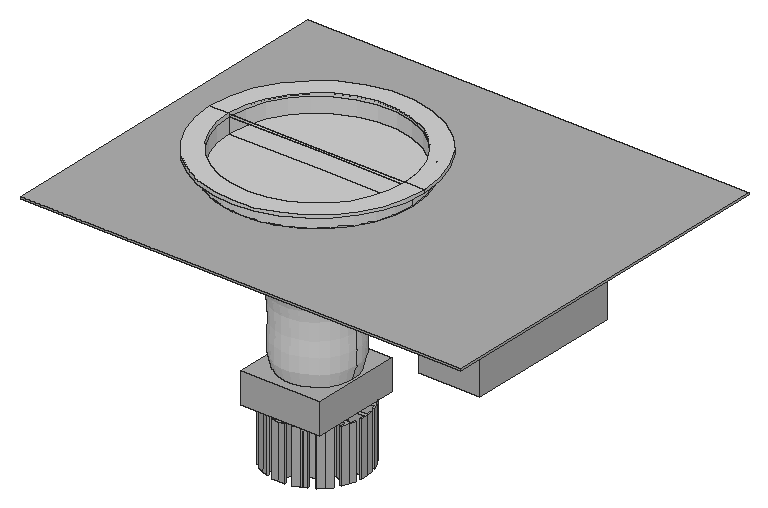
Revit family "LF6ASL", category Lighting Fixtures, host Face, Revit 2014
Parameters (values of type "LFA6SL")
  Wattage Comments = "32.7W"
  Wattage = 18.8 W
  Warranty = "5 year warranty"
  built-in parameter 1150110 = 1 (stored number, unit not read)
  Voltage = 120 V
  URL = "http://www.prescolite.com/"
  built-in parameter 1114217 = 1 (stored number, unit not read)
  Tilt Angle = -90.00°  # constant formula
  built-in parameter 1150109 = 1 (stored number, unit not read)
  built-in parameter 1150134 = (empty or 0)
  built-in parameter 1150113 = 1 (stored number, unit not read)
  Load Classification = Lighting
  Housing = Hubbell - Steel
  Product Page URL = "https://www.hubbell.com/hubbelllightingci/en/Products/Lighting-Controls/Commercial-Indoor-Lighting/Recessed-Downlights/LFA6/p/212994"
  Product Documentation Link = "https://hubbellcdn.com/specsheet/lfr_led_033.pdf"
  Photometric Web Link = "https://www.hubbell.com/hubbelllightingci/en/Products/Lighting-Controls/Commercial-Indoor-Lighting/Recessed-Downlights/LFA6/p/212994#prod-resources-section"
  Photometric Web File = "LFA6SL-6LFASL15L30K8WFL45.IES"
  Model = "LFA6SL"  # constant formula
  Manufacturer = "Prescolite"  # constant formula
  built-in parameter 1150105 = 222.23 (stored number, unit not read)
  Lumens = 2792.59 lm
  built-in parameter 1150115 = 1 (stored number, unit not read)
  built-in parameter 1150137 = (empty or 0)
  built-in parameter 1150139 = (empty or 0)
  built-in parameter 1150112 = 1 (stored number, unit not read)
  built-in parameter 1150114 = 1 (stored number, unit not read)
  Lamp = "LED"
  Input Power = 32.7 W
  built-in parameter 1150132 = (empty or 0)
  built-in parameter 1150102 = (empty or 0)
  built-in parameter 1150107 = 3000 (stored number, unit not read)
  built-in parameter 1150138 = (empty or 0)
  built-in parameter 1150106 = 2.2223 (stored number, unit not read)
  Glass = Hubbell - White Glass
  Features = "Light Engine utilizes Philips Fortimo LED module and provides controlled color consistency\r\nAll trims feature 35º vertical aiming and 362º rotational aiming\r\nUniversal 120-277V high efficiency LED driver with 0-10V dimming standard\r\n67 Lumens per watt delivered\r\nGlare free optical control\r\nShipped with pre-installed light commercial bar hangers. (see below for optional Commercial grade bar hangers)\r\nMinimum 50,000 hours at 70% lumen maintenance\r\nPhotometrics tested per IESNA-LM-79-2008 standards"
  Emit from Circle Diameter = 7.000"  # constant formula
  Emit Shape Visible in Rendering = no
  built-in parameter 1150104 = 13.8 (stored number, unit not read)
  Dimming Lamp Color Temperature Shift = <None>
  Description = "6in Adjustable Luminaire"  # constant formula
  Default Elevation = 48.000"
  Contact us = "https://www.hubbell.com/hubbelllightingci/en/contactUs?productId=212994"
  Color Filter = 16777215
  Certifications = "CSA certified to US and Canadian safety standards.\r\nSuitable for damp locations. Approved for through\r\nwiring. Non-IC rated"
  built-in parameter 1114218 = 1 (stored number, unit not read)
  Reflector = Hubbell - Aluminum
  built-in parameter 1150133 = 10 (stored number, unit not read)
  Apparent Load = 0 VA
Reference planes (in)
  plane 1 "Center (Front/Back)": y = 0.03999
  plane 2: z = 0
  plane 3 "Center (Left/Right)": x = -8.24832
  plane 4: x = -13.24832
  plane 5: x = 1.12668
  plane 6: y = -5.83501
  plane 7: y = 5.91499
  plane 8: z = -7.25
  plane 9: z = -3
  plane 10: z = -3.5
  plane 11: z = -9
  plane 12: z = -0.5
  plane 13: z = -0.56
  plane 14: z = -1.31
  plane 15: z = -6.25
  plane 16: z = 0.225
Forms (in)
  Extrusion 1, solid, material "Hubbell - Steel" <- "Housing"
    sketch origin (0, 0, 0) x (1, 0, 0) y (0, 1, 0)
      loop
        line (-13.24832, 5.91499) -> (-13.24832, -5.83501) -> (1.12668, -5.83501) -> (1.12668, 5.91499) -> (-13.24832, 5.91499)
    from -0.5 to -0.56
  Extrusion 2, solid, material "Hubbell - Steel" <- "Housing"
    sketch origin (0, 0, 0) x (1, 0, 0) y (0, 1, 0)
      loop
        circle (-8.24832, 0.03999) r 1
    from -7.25 to -9
  Extrusion 3, solid, material "Hubbell - Steel" <- "Housing"
    sketch origin (0, 0, 0) x (1, 0, 0) y (0, 1, 0)
      loop
        line (-9.56992, 1.51571) -> (-9.56992, -1.43573) -> (-6.99832, -1.43573) -> (-6.99832, 1.51571) -> (-9.56992, 1.51571)
    from -6.25 to -7.25
  Revolve 4, solid, material "Hubbell - Aluminum" <- "Reflector"
    sketch origin (0, 0.03999, 0) x (1, 0, 0) y (0, 0, 1)
      loop
        line (-8.24832, -0.5) -> (-11.37281, -0.5)
        spline (-11.37281, -0.5) -> (-11.13647, -1.30728) -> (-10.81276, -1.88702) -> (-10.47208, -2.35458) -> (-10.17278, -2.79426) -> (-9.93462, -3.19089) -> (-9.76869, -3.51159) -> (-9.66437, -3.77179) -> (-9.59004, -4.03432) -> (-9.5349, -4.37746) -> (-9.52619, -4.9031) -> (-9.54598, -5.62268) -> (-9.41914, -6.25)
        line (-9.41914, -6.25) -> (-8.24832, -6.25) -> (-8.24832, -0.5)
      axis (-8.24832, -0.5) -> (-8.24832, -6.25)
    angle from 0 to 360
  Revolve 5, solid, material "Hubbell - Aluminum" <- "Reflector"
    sketch origin (0, 0.03999, 0) x (1, 0, 0) y (0, 0, 1)
      loop
        line (-11.12332, 0) -> (-11.12332, 0.1) -> (-11.74832, 0.1) -> (-11.74832, 0) -> (-11.37332, 0) -> (-11.37332, -0.5) -> (-11.12332, -0.5) -> (-11.12332, 0)
      axis (-8.24832, 0.1) -> (-8.24832, -0.5)
    angle from 0 to 360
  Revolve 6, void
    sketch origin (0, 0.03999, 0) x (1, 0, 0) y (0, 0, 1)
      loop
        line (-8.24832, -1.31) -> (-8.24832, 0) -> (-11.37595, 0) -> (-11.37595, -1.31) -> (-11.12332, -1.31) -> (-8.24832, -1.31)
      axis (-8.24832, 0) -> (-8.24832, -1.31)
    angle from 0 to 360
  Extrusion 7, solid, material "Hubbell - Steel" <- "Housing"
    sketch origin (0, 0, 0) x (1, 0, 0) y (0, 1, 0)
      loop
        line (-2.9049, 2.66499) -> (-2.9049, -2.49278) -> (-0.9049, -2.49278) -> (-0.9049, 2.66499) -> (-2.9049, 2.66499)
    from -3.5 to -0.56
  Revolve 8, solid, material "Hubbell - White Glass" <- "Glass"
    sketch origin (0, 0.03999, 0) x (1, 0, 0) y (0, 0, 1)
      loop
        line (-11.12332, 0.06866) -> (-11.12332, 0) -> (-8.24832, 0) -> (-8.24832, 0.06866) -> (-11.12332, 0.06866)
      axis (-8.24832, 0.06866) -> (-8.24832, 0)
    angle from 0 to 360
  Extrusion 9, solid, material "Hubbell - Steel" <- "Housing"
    sketch origin (-174.49226, 69.69025, -3.5) x (0.34202, 0.939693, 0) y (-0.939693, 0.34202, 0)
      loop
        line (-8.66043, -180.96899) -> (-8.66043, -181.52398) -> (-8.81108, -181.52398) -> (-8.81108, -181.57856) -> (-8.59106, -181.57856) -> (-8.37103, -181.57856) -> (-8.37103, -181.52398) -> (-8.52168, -181.52398) -> (-8.52168, -180.96899) -> (-8.66043, -180.96899)
    from -5.5 to -3.75
  Extrusion 10, solid, material "Hubbell - Steel" <- "Housing"
    sketch origin (-188.44903, -3.94884, -3.5) x (-0.069756, 0.997564, 0) y (-0.997564, -0.069756, 0)
      loop
        line (-8.66043, -180.96899) -> (-8.66043, -181.52398) -> (-8.81108, -181.52398) -> (-8.81108, -181.57856) -> (-8.59106, -181.57856) -> (-8.37103, -181.57856) -> (-8.37103, -181.52398) -> (-8.52168, -181.52398) -> (-8.52168, -180.96899) -> (-8.66043, -180.96899)
    from -5.5 to -3.75
  Extrusion 11, solid, material "Hubbell - Steel" <- "Housing"
    sketch origin (-171.24746, -76.89821, -3.5) x (-0.469472, 0.882948, 0) y (-0.882948, -0.469472, 0)
      loop
        line (-8.66043, -180.96899) -> (-8.66043, -181.52398) -> (-8.81108, -181.52398) -> (-8.81108, -181.57856) -> (-8.59106, -181.57856) -> (-8.37103, -181.57856) -> (-8.37103, -181.52398) -> (-8.52168, -181.52398) -> (-8.52168, -180.96899) -> (-8.66043, -180.96899)
    from -5.5 to -3.75
  Extrusion 12, solid, material "Hubbell - Steel" <- "Housing"
    sketch origin (-125.86186, -136.54428, -3.5) x (-0.788011, 0.615661, 0) y (-0.615661, -0.788011, 0)
      loop
        line (-8.66043, -180.96899) -> (-8.66043, -181.52398) -> (-8.81108, -181.52398) -> (-8.81108, -181.57856) -> (-8.59106, -181.57856) -> (-8.37103, -181.57856) -> (-8.37103, -181.52398) -> (-8.52168, -181.52398) -> (-8.52168, -180.96899) -> (-8.66043, -180.96899)
    from -5.5 to -3.75
  Extrusion 13, solid, material "Hubbell - Steel" <- "Housing"
    sketch origin (-60.1398, -172.57368, -3.5) x (-0.970296, 0.241922, 0) y (-0.241922, -0.970296, 0)
      loop
        line (-8.66043, -180.96899) -> (-8.66043, -181.52398) -> (-8.81108, -181.52398) -> (-8.81108, -181.57856) -> (-8.59106, -181.57856) -> (-8.37103, -181.57856) -> (-8.37103, -181.52398) -> (-8.52168, -181.52398) -> (-8.52168, -180.96899) -> (-8.66043, -180.96899)
    from -5.5 to -3.75
  Extrusion 14, solid, material "Hubbell - Steel" <- "Housing"
    sketch origin (14.55475, -178.75661, -3.5) x (-0.984808, -0.173648, 0) y (0.173648, -0.984808, 0)
      loop
        line (-8.66043, -180.96899) -> (-8.66043, -181.52398) -> (-8.81108, -181.52398) -> (-8.81108, -181.57856) -> (-8.59106, -181.57856) -> (-8.37103, -181.57856) -> (-8.37103, -181.52398) -> (-8.52168, -181.52398) -> (-8.52168, -180.96899) -> (-8.66043, -180.96899)
    from -5.5 to -3.75
  Extrusion 15, solid, material "Hubbell - Steel" <- "Housing"
    sketch origin (85.30645, -154.02398, -3.5) x (-0.829038, -0.559193, 0) y (0.559193, -0.829038, 0)
      loop
        line (-8.66043, -180.96899) -> (-8.66043, -181.52398) -> (-8.81108, -181.52398) -> (-8.81108, -181.57856) -> (-8.59106, -181.57856) -> (-8.37103, -181.57856) -> (-8.37103, -181.52398) -> (-8.52168, -181.52398) -> (-8.52168, -180.96899) -> (-8.66043, -180.96899)
    from -5.5 to -3.75
  Extrusion 16, solid, material "Hubbell - Steel" <- "Housing"
    sketch origin (139.88168, -102.6523, -3.5) x (-0.529919, -0.848048, 0) y (0.848048, -0.529919, 0)
      loop
        line (-8.66043, -180.96899) -> (-8.66043, -181.52398) -> (-8.81108, -181.52398) -> (-8.81108, -181.57856) -> (-8.59106, -181.57856) -> (-8.37103, -181.57856) -> (-8.37103, -181.52398) -> (-8.52168, -181.52398) -> (-8.52168, -180.96899) -> (-8.66043, -180.96899)
    from -5.5 to -3.75
  Extrusion 17, solid, material "Hubbell - Steel" <- "Housing"
    sketch origin (168.84389, -33.52418, -3.5) x (-0.139173, -0.990268, 0) y (0.990268, -0.139173, 0)
      loop
        line (-8.66043, -180.96899) -> (-8.66043, -181.52398) -> (-8.81108, -181.52398) -> (-8.81108, -181.57856) -> (-8.59106, -181.57856) -> (-8.37103, -181.57856) -> (-8.37103, -181.52398) -> (-8.52168, -181.52398) -> (-8.52168, -180.96899) -> (-8.66043, -180.96899)
    from -5.5 to -3.75
  Extrusion 18, solid, material "Hubbell - Steel" <- "Housing"
    sketch origin (167.18524, 41.40749, -3.5) x (0.275637, -0.961262, 0) y (0.961262, 0.275637, 0)
      loop
        line (-8.66043, -180.96899) -> (-8.66043, -181.52398) -> (-8.81108, -181.52398) -> (-8.81108, -181.57856) -> (-8.59106, -181.57856) -> (-8.37103, -181.57856) -> (-8.37103, -181.52398) -> (-8.52168, -181.52398) -> (-8.52168, -180.96899) -> (-8.66043, -180.96899)
    from -5.5 to -3.75
  Extrusion 19, solid, material "Hubbell - Steel" <- "Housing"
    sketch origin (135.19253, 109.18634, -3.5) x (0.642788, -0.766044, 0) y (0.766044, 0.642788, 0)
      loop
        line (-8.66043, -180.96899) -> (-8.66043, -181.52398) -> (-8.81108, -181.52398) -> (-8.81108, -181.57856) -> (-8.59106, -181.57856) -> (-8.37103, -181.57856) -> (-8.37103, -181.52398) -> (-8.52168, -181.52398) -> (-8.52168, -180.96899) -> (-8.66043, -180.96899)
    from -5.5 to -3.75
  Extrusion 20, solid, material "Hubbell - Steel" <- "Housing"
    sketch origin (78.3976, 158.09279, -3.5) x (0.898794, -0.438371, 0) y (0.438371, 0.898794, 0)
      loop
        line (-8.66043, -180.96899) -> (-8.66043, -181.52398) -> (-8.81108, -181.52398) -> (-8.81108, -181.57856) -> (-8.59106, -181.57856) -> (-8.37103, -181.57856) -> (-8.37103, -181.52398) -> (-8.52168, -181.52398) -> (-8.52168, -180.96899) -> (-8.66043, -180.96899)
    from -5.5 to -3.75
  Extrusion 21, solid, material "Hubbell - Steel" <- "Housing"
    sketch origin (6.6208, 179.67048, -3.5) x (0.999391, -0.034899, 0) y (0.034899, 0.999391, 0)
      loop
        line (-8.66043, -180.96899) -> (-8.66043, -181.52398) -> (-8.81108, -181.52398) -> (-8.81108, -181.57856) -> (-8.59106, -181.57856) -> (-8.37103, -181.57856) -> (-8.37103, -181.52398) -> (-8.52168, -181.52398) -> (-8.52168, -180.96899) -> (-8.66043, -180.96899)
    from -5.5 to -3.75
  Extrusion 22, solid, material "Hubbell - Steel" <- "Housing"
    sketch origin (-67.727, 170.18843, -3.5) x (0.927184, 0.374607, 0) y (-0.374607, 0.927184, 0)
      loop
        line (-8.66043, -180.96899) -> (-8.66043, -181.52398) -> (-8.81108, -181.52398) -> (-8.81108, -181.57856) -> (-8.59106, -181.57856) -> (-8.37103, -181.57856) -> (-8.37103, -181.52398) -> (-8.52168, -181.52398) -> (-8.52168, -180.96899) -> (-8.66043, -180.96899)
    from -5.5 to -3.75
  Extrusion 23, solid, material "Hubbell - Steel" <- "Housing"
    sketch origin (-131.79041, 131.28617, -3.5) x (0.694658, 0.71934, 0) y (-0.71934, 0.694658, 0)
      loop
        line (-8.66043, -180.96899) -> (-8.66043, -181.52398) -> (-8.81108, -181.52398) -> (-8.81108, -181.57856) -> (-8.59106, -181.57856) -> (-8.37103, -181.57856) -> (-8.37103, -181.52398) -> (-8.52168, -181.52398) -> (-8.52168, -180.96899) -> (-8.66043, -180.96899)
    from -5.5 to -3.75
Cuts and joins
  joined: Revolve 4, Revolve 5
  Revolve 6 cuts Extrusion 1
  joined: Extrusion 1, Extrusion 2, Extrusion 3, Extrusion 7, Extrusion 9
Dimensions and locks (in)
  equal spacing: plane 7, plane 1 "Center (Front/Back)", plane 6
  locked: plane 7 to plane 6 at 11.75
  plane 4 to plane 3 "Center (Left/Right)" = 5.000"
  Revolve 5 sketch curve to host face = 0.100"
  locked: Revolve 5 sketch curve to Revolve 5 sketch curve at 3.5
  locked: Revolve 5 sketch curve to Revolve 5 sketch curve at 2.875
  plane 8 to plane 11 = 1.750"
  plane 2 to plane 12 = 0.500"
  plane 12 to plane 13 = 0.060"
  locked: plane 2 to plane 11 at 9
  locked: plane 4 to plane 5 at 14.375
  aligned and locked: plane 2 to host face
  aligned and locked: level to host face
  aligned and locked: plane 4 to Extrusion 1 sketch curve
  aligned and locked: Extrusion 1 sketch curve to plane 5
  aligned and locked: Revolve 4 sketch curve to plane 3 "Center (Left/Right)"
  aligned and locked: Revolve 6 sketch curve to plane 3 "Center (Left/Right)"  (x2)
  aligned and locked: Revolve 8 sketch curve to plane 3 "Center (Left/Right)"  (x2)
  aligned and locked: Revolve 5 sketch curve to plane 3 "Center (Left/Right)"
  aligned and locked: cut or joined group of Revolve 4, Revolve 5 to plane 12
  aligned and locked: cut or joined group of Extrusion 1, Extrusion 2, Extrusion 3, Revolve 6, Extrusion 7, Extrusion 9 to plane 13
  aligned and locked: plane 14 to Revolve 6 sketch curve
  aligned and locked: Extrusion 7 to plane 10
  aligned and locked: Extrusion 2 to Extrusion 3
  aligned and locked: Extrusion 2 to plane 11
  aligned and locked: plane 8 to Extrusion 2
  aligned and locked: Extrusion 2 to Extrusion 9
  aligned and locked: plane 15 to Extrusion 3
  aligned and locked: plane 8 to Extrusion 10
  aligned and locked: Extrusion 1 sketch curve to plane 7
  aligned and locked: plane 6 to Extrusion 1 sketch curve
  aligned and locked: imposter light to plane 1 "Center (Front/Back)"
  aligned and locked: imposter light to plane 16
Automatic sketch dimensions
  host sketch curve to host sketch curve = 96.000"  (x2)
  plane 1 "Center (Front/Back)" to Extrusion 2 sketch curve = 0.000"
  Extrusion 2 sketch curve to plane 3 "Center (Left/Right)" = 0.000"
  Extrusion 7 sketch curve to plane 5 = 4.03157"
  Extrusion 7 sketch curve to Extrusion 7 sketch curve = 2.000"
  plane 1 "Center (Front/Back)" to Extrusion 7 sketch curve = 2.53277"
  Extrusion 7 sketch curve to plane 1 "Center (Front/Back)" = 2.625"
  Revolve 8 sketch curve to Revolve 8 sketch curve = 1.99601"
  Extrusion 9 sketch curve to Extrusion 9 sketch curve = 0.15066"  (x2)
  Extrusion 9 sketch curve to Extrusion 9 sketch curve = 0.05458"  (x2)
  Extrusion 9 sketch curve to Extrusion 9 sketch curve = 0.06937"
  Extrusion 9 sketch curve to Extrusion 9 sketch curve = 0.13875"
  Extrusion 9 sketch curve to Extrusion 9 sketch curve = 0.55499"
  Revolve 5 sketch curve to level = 0.000"
  Revolve 5 sketch curve to Revolve 5 sketch curve = 0.250"
  plane 9 to Revolve 5 sketch curve = 0.59192"
  level to Revolve 5 sketch curve = 2.66652"
  plane 4 to Revolve 8 sketch curve = 2.125"
  level to Revolve 8 sketch curve = 0.000"
  Revolve 8 sketch curve to Revolve 8 sketch curve = 0.06866"
  plane 12 to Revolve 5 sketch curve = 0.000"
  Revolve 8 sketch curve to plane 12 = 1.28381"
  Revolve 5 sketch curve to Revolve 5 sketch curve = 0.100"
  Revolve 6 sketch curve to level = 0.000"
  Revolve 6 sketch curve to Revolve 6 sketch curve = 2.875"
  Revolve 6 sketch curve to Revolve 6 sketch curve = 0.25263"
  plane 9 to Revolve 6 sketch curve = 0.60785"
  Revolve 6 sketch curve to Revolve 6 sketch curve = 1.51768"
  Extrusion 3 sketch curve to plane 3 "Center (Left/Right)" = 1.32159"
  plane 3 "Center (Left/Right)" to Extrusion 3 sketch curve = 1.250"
  plane 1 "Center (Front/Back)" to Extrusion 3 sketch curve = 1.47572"
  Extrusion 3 sketch curve to plane 1 "Center (Front/Back)" = 1.47572"
  Extrusion 10 sketch curve to Extrusion 10 sketch curve = 0.15066"  (x2)
  Extrusion 10 sketch curve to Extrusion 10 sketch curve = 0.05458"  (x2)
  Extrusion 10 sketch curve to Extrusion 10 sketch curve = 0.06937"
  Extrusion 10 sketch curve to Extrusion 10 sketch curve = 0.13875"
  Extrusion 10 sketch curve to Extrusion 10 sketch curve = 0.55499"
  Extrusion 11 sketch curve to Extrusion 11 sketch curve = 0.15066"  (x2)
  Extrusion 11 sketch curve to Extrusion 11 sketch curve = 0.05458"  (x2)
  Extrusion 11 sketch curve to Extrusion 11 sketch curve = 0.06937"
  Extrusion 11 sketch curve to Extrusion 11 sketch curve = 0.13875"
  Extrusion 11 sketch curve to Extrusion 11 sketch curve = 0.55499"
  Extrusion 12 sketch curve to Extrusion 12 sketch curve = 0.15066"  (x2)
  Extrusion 12 sketch curve to Extrusion 12 sketch curve = 0.05458"  (x2)
  Extrusion 12 sketch curve to Extrusion 12 sketch curve = 0.06937"
  Extrusion 12 sketch curve to Extrusion 12 sketch curve = 0.13875"
  Extrusion 12 sketch curve to Extrusion 12 sketch curve = 0.55499"
  Extrusion 13 sketch curve to Extrusion 13 sketch curve = 0.15066"  (x2)
  Extrusion 13 sketch curve to Extrusion 13 sketch curve = 0.05458"  (x2)
  Extrusion 13 sketch curve to Extrusion 13 sketch curve = 0.06937"
  Extrusion 13 sketch curve to Extrusion 13 sketch curve = 0.13875"
  Extrusion 13 sketch curve to Extrusion 13 sketch curve = 0.55499"
  Extrusion 14 sketch curve to Extrusion 14 sketch curve = 0.15066"  (x2)
  Extrusion 14 sketch curve to Extrusion 14 sketch curve = 0.05458"  (x2)
  Extrusion 14 sketch curve to Extrusion 14 sketch curve = 0.06937"
  Extrusion 14 sketch curve to Extrusion 14 sketch curve = 0.13875"
  Extrusion 14 sketch curve to Extrusion 14 sketch curve = 0.55499"
  Extrusion 15 sketch curve to Extrusion 15 sketch curve = 0.15066"  (x2)
  Extrusion 15 sketch curve to Extrusion 15 sketch curve = 0.05458"  (x2)
  Extrusion 15 sketch curve to Extrusion 15 sketch curve = 0.06937"
  Extrusion 15 sketch curve to Extrusion 15 sketch curve = 0.13875"
  Extrusion 15 sketch curve to Extrusion 15 sketch curve = 0.55499"
  Extrusion 16 sketch curve to Extrusion 16 sketch curve = 0.15066"  (x2)
  Extrusion 16 sketch curve to Extrusion 16 sketch curve = 0.05458"  (x2)
  Extrusion 16 sketch curve to Extrusion 16 sketch curve = 0.06937"
  Extrusion 16 sketch curve to Extrusion 16 sketch curve = 0.13875"
  Extrusion 16 sketch curve to Extrusion 16 sketch curve = 0.55499"
  Extrusion 17 sketch curve to Extrusion 17 sketch curve = 0.15066"  (x2)
  Extrusion 17 sketch curve to Extrusion 17 sketch curve = 0.05458"  (x2)
  Extrusion 17 sketch curve to Extrusion 17 sketch curve = 0.06937"
  Extrusion 17 sketch curve to Extrusion 17 sketch curve = 0.13875"
  Extrusion 17 sketch curve to Extrusion 17 sketch curve = 0.55499"
  Extrusion 18 sketch curve to Extrusion 18 sketch curve = 0.15066"  (x2)
  Extrusion 18 sketch curve to Extrusion 18 sketch curve = 0.05458"  (x2)
  Extrusion 18 sketch curve to Extrusion 18 sketch curve = 0.06937"
  Extrusion 18 sketch curve to Extrusion 18 sketch curve = 0.13875"
  Extrusion 18 sketch curve to Extrusion 18 sketch curve = 0.55499"
  Extrusion 19 sketch curve to Extrusion 19 sketch curve = 0.15066"  (x2)
  Extrusion 19 sketch curve to Extrusion 19 sketch curve = 0.05458"  (x2)
  Extrusion 19 sketch curve to Extrusion 19 sketch curve = 0.06937"
  Extrusion 19 sketch curve to Extrusion 19 sketch curve = 0.13875"
  Extrusion 19 sketch curve to Extrusion 19 sketch curve = 0.55499"
  Extrusion 20 sketch curve to Extrusion 20 sketch curve = 0.15066"  (x2)
  Extrusion 20 sketch curve to Extrusion 20 sketch curve = 0.05458"  (x2)
  Extrusion 20 sketch curve to Extrusion 20 sketch curve = 0.06937"
  Extrusion 20 sketch curve to Extrusion 20 sketch curve = 0.13875"
  Extrusion 20 sketch curve to Extrusion 20 sketch curve = 0.55499"
  Extrusion 21 sketch curve to Extrusion 21 sketch curve = 0.15066"  (x2)
  Extrusion 21 sketch curve to Extrusion 21 sketch curve = 0.05458"  (x2)
  Extrusion 21 sketch curve to Extrusion 21 sketch curve = 0.06937"
  Extrusion 21 sketch curve to Extrusion 21 sketch curve = 0.13875"
  Extrusion 21 sketch curve to Extrusion 21 sketch curve = 0.55499"
  Extrusion 22 sketch curve to Extrusion 22 sketch curve = 0.15066"  (x2)
  Extrusion 22 sketch curve to Extrusion 22 sketch curve = 0.05458"  (x2)
  Extrusion 22 sketch curve to Extrusion 22 sketch curve = 0.06937"
  Extrusion 22 sketch curve to Extrusion 22 sketch curve = 0.13875"
  Extrusion 22 sketch curve to Extrusion 22 sketch curve = 0.55499"
  Extrusion 23 sketch curve to Extrusion 23 sketch curve = 0.15066"  (x2)
  Extrusion 23 sketch curve to Extrusion 23 sketch curve = 0.05458"  (x2)
  Extrusion 23 sketch curve to Extrusion 23 sketch curve = 0.06937"
  Extrusion 23 sketch curve to Extrusion 23 sketch curve = 0.13875"
  Extrusion 23 sketch curve to Extrusion 23 sketch curve = 0.55499"
  Revolve 4 sketch curve to plane 12 = 0.000"
  Revolve 4 sketch curve to plane 15 = 0.000"
  Revolve 4 sketch curve to plane 3 "Center (Left/Right)" = 0.000"
  Revolve 4 sketch curve to plane 3 "Center (Left/Right)" = 1.17081"
  plane 4 to Revolve 4 sketch curve = 1.87551"
  plane 11 to Revolve 4 sketch curve = 0.87496"
  level to Revolve 4 sketch curve = 2.37496"
  plane 1 "Center (Front/Back)" to Extrusion 9 sketch curve = 0.73298"
  plane 3 "Center (Left/Right)" to Extrusion 9 sketch curve = 1.37053"
  radius of Extrusion 2 sketch curve = 1.000"
Connectors (in)
  electrical at (-1.9049, 0.08611, -3.5), driven by "Load Classification", driven by "Voltage", driven by "Apparent Load"
    settings: on cut or joined group of Extrusion 1, Extrusion 2, Extrusion 3, Revolve 6, Extrusion 7, Extrusion 9, index 1, voltage 120 V, apparent load 0 VA, apparent load phase1 0 VA, apparent load phase2 0 VA, apparent load phase3 0 VA, power factor 0.9, load classification "Lighting", number of poles 1, system type 30, power factor state 1, is connector primary yes, connector utility no, sub classification motor no, connector description "Lighting Connector"
